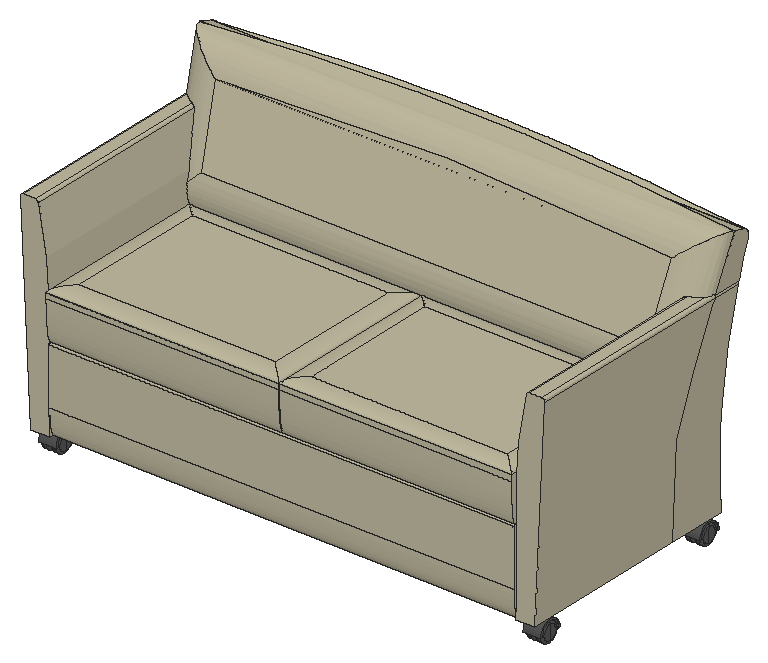
Revit family
Parameters
  URL = "http://www.martinbrattrud.com"
  SCS Certified Product = "Yes"
  Model = "Heritage 910-60"
  Manufacturer = "Martin Brattrud, Inc."
  Handle [instance] = none
  Keynote = "125000"
  Copyright = "© 2013 Martin Brattrud, Inc."
  Chair [instance] = none
  Wheel [instance] = none
  Authoring Version = "Revit Architecture 2010"
  Assembly Code = "E2020200"
Reference planes (in)
  plane 1 "Center Front/Back": y = 0
  plane 2: z = 0
  plane 3: x = 15.67241
Forms (in)
  Extrusion 1, solid, material <- "Chair"
    sketch origin (0, 0, 0) x (0, 1, 0) y (0, 0, 1)
      loop
        arc (12.74026, 2.62614) -> (12.50987, 16.40948) -> (14.59049, 30.03683) r 82.04243
        arc (14.59049, 30.03683) -> (14.49515, 30.75072) -> (13.94487, 31.21539) r 1
        line (13.94487, 31.21539) -> (12.52721, 31.70551) -> (6.08401, 13.06882) -> (6.08401, 2.62614) -> (12.74026, 2.62614)
    from -14.5 to 45.84482
  Extrusion 2, solid, material <- "Chair"
    sketch origin (0, 0, 0) x (0, 1, 0) y (0, 0, 1)
      loop
        line (6.08401, 17.39354) -> (-13.90749, 17.39354) -> (-13.90749, 16.73684)
        spline (-13.90749, 16.73684) -> (-13.90289, 16.14947) -> (-13.88917, 15.57215) -> (-13.86656, 15.01476) -> (-13.83545, 14.48684) -> (-13.79637, 13.99741) -> (-13.75, 13.55486) -> (-13.69712, 13.16675) -> (-13.63864, 12.83973) -> (-13.57556, 12.57938) -> (-13.50896, 12.39017) -> (-13.43998, 12.27534) -> (-13.36979, 12.23684)
        line (-13.36979, 12.23684) -> (6.08401, 12.23684) -> (6.08401, 17.39354)
    from -10.4547 to 15.67241
  Sweep 3, solid, material <- "Chair"
    path in 3D
      loop
        line (-10.4547, 6.08401, 17.39354) -> (-10.4547, -13.90749, 17.39354) -> (15.67241, -13.90749, 17.39354) -> (15.67241, 6.08401, 17.39354) -> (-10.4547, 6.08401, 17.39354)
    profile origin (2.60886, 6.08401, 17.39354) x (0, -1, 0) y (0, 0, 1)
      loop
        line (0.03125, 0) -> (2.03125, 0) -> (2.03125, 0.56884)
        spline (2.03125, 0.56884) -> (1.7702, 0.56397) -> (1.51361, 0.54946) -> (1.26588, 0.52554) -> (1.03125, 0.49263) -> (0.81373, 0.45129) -> (0.61704, 0.40223) -> (0.44454, 0.34629) -> (0.2992, 0.28442) -> (0.18349, 0.21768) -> (0.0994, 0.14723) -> (0.04836, 0.07425) -> (0.03125, 0)
  Extrusion 4, solid, material <- "Chair"
    sketch origin (0, 0, 0) x (1, 0, 0) y (0, 1, 0)
      loop
        line (-8.42345, -11.87624) -> (13.64116, -11.87624) -> (13.64116, 4.05276) -> (-8.42345, 4.05276) -> (-8.42345, -11.87624)
    from 17.39354 to 17.96237
  Sweep 5, solid, material <- "Chair"
    path in 3D
      loop
        arc (45.84482, 12.7199, 2.83) -> (45.84482, 12.51683, 16.51168) -> (45.84482, 14.59049, 30.03683) r 82.04243
        arc (45.84482, 14.59049, 30.03683) -> (45.84482, 14.49515, 30.75072) -> (45.84482, 13.94487, 31.21539) r 1
        line (45.84482, 13.94487, 31.21539) -> (45.84482, 12.52721, 31.70551)
    profile origin (45.84482, 13.23604, 31.46045) x (0, -0.32675, -0.945111) y (1, 0, 0)
      loop
        line (0, -60.34482) -> (0, 0)
        arc (0, 0) -> (-1.27251, -30.17241) -> (0, -60.34482) r 358.34306
  Extrusion 6, void
    sketch origin (0, -11.75, 0) x (-1, 0, 0) y (0, 0, 1)
      loop
        arc (14.35088, 31.98684) -> (14.08326, 28.99427) -> (13.83545, 26) r 453.67894
        line (13.83545, 26) -> (13.42967, 26)
        arc (13.42967, 26) -> (13.70502, 25.87957) -> (13.80352, 25.59564) r 0.375
        arc (13.80352, 25.59564) -> (12.98082, 12.80689) -> (12.51965, 0) r 453.67894
        line (12.51965, 0) -> (15.2047, 0) -> (15.2047, 31.98684) -> (14.35088, 31.98684)
      loop
        line (-45.69571, 31.98684) -> (-46.54952, 31.98684) -> (-46.54952, 0) -> (-43.86448, 0)
        arc (-43.86448, 0) -> (-44.32564, 12.80689) -> (-45.14834, 25.59564) r 453.67894
        arc (-45.14834, 25.59564) -> (-45.04984, 25.87957) -> (-44.77449, 26) r 0.375
        line (-44.77449, 26) -> (-45.18028, 26)
        arc (-45.18028, 26) -> (-45.42808, 28.99427) -> (-45.69571, 31.98684) r 453.67894
    from -2.61979 to 26.83358
  Extrusion 7, solid, material <- "Chair"
    sketch origin (0, 19.68984, 52.42315) x (0, -0.32675, -0.945111) y (1, 0, 0)
      loop
        arc (25.63663, -9.97112) -> (29.88994, -9.65274) -> (34.14575, -9.36984) r 511.348
        line (34.14575, -9.36984) -> (34.14575, 40.86536) -> (25.052, 41.51847)
        arc (25.052, 41.51847) -> (24.67743, 15.7661) -> (25.63663, -9.97112) r 497.30164
    from 0 to 2.25
  Extrusion 8, solid, material <- "Chair"
    sketch origin (0, 0, 0) x (0, 1, 0) y (0, 0, 1)
      loop
        arc (-13.25527, 12.23684) -> (-13.43205, 12.16362) -> (-13.50527, 11.98684) r 0.25
        line (-13.50527, 11.98684) -> (-13.50527, 5.62614)
        spline (-13.50527, 5.62614) -> (-13.50023, 5.23456) -> (-13.48519, 4.84968) -> (-13.46042, 4.47809) -> (-13.42632, 4.12614) -> (-13.3835, 3.79985) -> (-13.33268, 3.50482) -> (-13.27472, 3.24608) -> (-13.21063, 3.02806) -> (-13.1415, 2.8545) -> (-13.06851, 2.72836) -> (-12.99291, 2.6518) -> (-12.91599, 2.62614)
        line (-12.91599, 2.62614) -> (6.08401, 2.62614) -> (6.08401, 12.23684) -> (-13.25527, 12.23684)
    from -10.4547 to 41.79952
  Sweep 9, solid, material <- "Chair"
    path origin (0, 11.84785, 29.74049) x (0, -0.32675, -0.945111) y (1, 0, 0)
      loop
        arc (14.177, 44.5168) -> (6.0287, 45.02908) -> (-2.1103, 45.67241) r 507.31675
        arc (-2.1103, 45.67241) -> (-3.35383, 15.67241) -> (-2.1103, -14.32759) r 362.49516
        arc (-2.1103, -14.32759) -> (6.0287, -13.68425) -> (14.177, -13.17198) r 507.31675
        line (14.177, -13.17198) -> (14.177, 44.5168)
    profile origin (15.67241, 7.21551, 16.34165) x (0, -0.32675, -0.945111) y (0, -0.945111, 0.32675)
      loop
        line (-4.03125, 0) -> (-0.03125, 0)
        spline (-0.03125, 0) -> (-0.06547, 0.29368) -> (-0.16755, 0.58234) -> (-0.33573, 0.86104) -> (-0.56715, 1.125) -> (-0.85784, 1.36971) -> (-1.20282, 1.59099) -> (-1.5962, 1.78505) -> (-2.03125, 1.94856) -> (-2.50052, 2.07873) -> (-2.99597, 2.17333) -> (-3.50915, 2.23075) -> (-4.03125, 2.25)
        line (-4.03125, 2.25) -> (-4.03125, 0)
  Extrusion 10, solid, material <- "Chair"
    sketch origin (0, -11.75, 0) x (-1, 0, 0) y (0, 0, 1)
      loop
        arc (12.5847, 2.62614) -> (13.04852, 14.11862) -> (13.80352, 25.59564) r 453.67894
        arc (13.80352, 25.59564) -> (13.70502, 25.87957) -> (13.42967, 26) r 0.375
        line (13.42967, 26) -> (12.10847, 26)
        arc (12.10847, 26) -> (11.87817, 25.92096) -> (11.74496, 25.71714) r 0.375
        arc (11.74496, 25.71714) -> (10.77851, 20.58673) -> (10.4547, 15.37614) r 42.08491
        line (10.4547, 15.37614) -> (10.4547, 2.62614) -> (12.5847, 2.62614)
      loop
        line (-43.92952, 2.62614) -> (-41.79952, 2.62614) -> (-41.79952, 15.37614)
        arc (-41.79952, 15.37614) -> (-42.12334, 20.58673) -> (-43.08979, 25.71714) r 42.08491
        arc (-43.08979, 25.71714) -> (-43.223, 25.92096) -> (-43.45329, 26) r 0.375
        line (-43.45329, 26) -> (-44.77449, 26)
        arc (-44.77449, 26) -> (-45.04984, 25.87957) -> (-45.14834, 25.59564) r 0.375
        arc (-45.14834, 25.59564) -> (-44.39334, 14.11862) -> (-43.92952, 2.62614) r 453.67894
    from -1.61979 to 25.88021
  Extrusion 11, solid, material <- "Wheel"
    sketch origin (0, 0, 0) x (0, 1, 0) y (0, 0, -1)
      loop
        arc (-12.47848, -1.0804) -> (-11.16598, -2.45654) -> (-9.85348, -1.0804) r 1.31397
        line (-9.85348, -1.0804) -> (-9.98095, -1.08637)
        arc (-9.98095, -1.08637) -> (-11.16745, -2.3304) -> (-12.35395, -1.08637) r 1.18783
        line (-12.35395, -1.08637) -> (-12.47848, -1.0804)
    from 10.44 to 12.44
  Revolve 12, solid, material <- "Wheel"
    sketch origin (0, -11.1734, 0) x (1, 0, 0) y (0, 0, -1)
      loop
        line (-11.315, -1.0804) -> (-10.47801, -1.0804) -> (-10.47801, -0.25)
        arc (-10.47801, -0.25) -> (-10.55123, -0.07322) -> (-10.72801, 0) r 0.25
        line (-10.72801, 0) -> (-11.065, 0)
        arc (-11.065, 0) -> (-11.24178, -0.07322) -> (-11.315, -0.25) r 0.25
        line (-11.315, -0.25) -> (-11.315, -1.0804)
      loop
        line (-11.565, -1.0804) -> (-11.565, -0.25)
        arc (-11.565, -0.25) -> (-11.63822, -0.07322) -> (-11.815, 0) r 0.25
        line (-11.815, 0) -> (-12.15199, 0)
        arc (-12.15199, 0) -> (-12.32877, -0.07322) -> (-12.40199, -0.25) r 0.25
        line (-12.40199, -0.25) -> (-12.40199, -1.0804) -> (-11.565, -1.0804)
      axis (-10.47801, -1.0804) -> (-12.40199, -1.0804)
    angle from 0 to 360
  Extrusion 13, solid, material <- "Wheel"
    sketch origin (-0.05844, 104.0333, 2.12614) x (-0.99232, 0.1237, 0) y (-0.1237, -0.99232, 0)
      loop
        circle (-2.90427, 115.22304) r 0.25
    from 0.04498 to 0.5
  Extrusion 14, solid, material <- "Wheel"
    sketch origin (0, 0, 0) x (0, -1, 0) y (0, 0, 1)
      loop
        line (-12.47848, 1.0804) -> (-12.35395, 1.08637)
        arc (-12.35395, 1.08637) -> (-11.16745, 2.3304) -> (-9.98095, 1.08637) r 1.18783
        line (-9.98095, 1.08637) -> (-9.85348, 1.0804)
        arc (-9.85348, 1.0804) -> (-11.16598, 2.45654) -> (-12.47848, 1.0804) r 1.31397
    from 10.44 to 12.44
  Revolve 15, solid, material <- "Wheel"
    sketch origin (0, 11.1734, 0) x (1, 0, 0) y (0, 0, 1)
      loop
        line (-11.315, 1.0804) -> (-11.315, 0.25)
        arc (-11.315, 0.25) -> (-11.24178, 0.07322) -> (-11.065, 0) r 0.25
        line (-11.065, 0) -> (-10.72801, 0)
        arc (-10.72801, 0) -> (-10.55123, 0.07322) -> (-10.47801, 0.25) r 0.25
        line (-10.47801, 0.25) -> (-10.47801, 1.0804) -> (-11.315, 1.0804)
      loop
        line (-11.565, 1.0804) -> (-12.40199, 1.0804) -> (-12.40199, 0.25)
        arc (-12.40199, 0.25) -> (-12.32877, 0.07322) -> (-12.15199, 0) r 0.25
        line (-12.15199, 0) -> (-11.815, 0)
        arc (-11.815, 0) -> (-11.63822, 0.07322) -> (-11.565, 0.25) r 0.25
        line (-11.565, 0.25) -> (-11.565, 1.0804)
      axis (-10.47801, 1.0804) -> (-12.40199, 1.0804)
    angle from 0 to 360
  Extrusion 16, solid, material <- "Wheel"
    sketch origin (-0.05844, -104.0333, 2.12614) x (0.99232, 0.1237, 0) y (-0.1237, 0.99232, 0)
      loop
        circle (2.90427, 115.22304) r 0.25
    from 0.04498 to 0.5
  Extrusion 17, void
    sketch origin (0, 0, 0) x (0, 1, 0) y (0, 0, 1)
      loop
        line (17.43249, 34.00269) -> (15.64821, 34.00269)
        arc (15.64821, 34.00269) -> (12.61417, 17.78301) -> (12.88719, 1.28425) r 82.04243
        line (12.88719, 1.28425) -> (17.43249, 1.28425) -> (17.43249, 34.00269)
    from -16 to 48.5
  Extrusion 18, void
    sketch origin (0, -11.75, 0) x (-1, 0, 0) y (0, 0, 1)
      loop
        line (14.2047, 2.62614) -> (14.2047, 26.0625) -> (12.10847, 26.0625)
        arc (12.10847, 26.0625) -> (11.87817, 25.98346) -> (11.74496, 25.77964) r 0.375
        arc (11.74496, 25.77964) -> (10.77851, 20.64923) -> (10.4547, 15.43864) r 42.08491
        line (10.4547, 15.43864) -> (10.4547, 2.62614) -> (14.2047, 2.62614)
      loop
        line (-45.54952, 2.62614) -> (-41.79952, 2.62614) -> (-41.79952, 15.43864)
        arc (-41.79952, 15.43864) -> (-42.12334, 20.64923) -> (-43.08979, 25.77964) r 42.08491
        arc (-43.08979, 25.77964) -> (-43.223, 25.98346) -> (-43.45329, 26.0625) r 0.375
        line (-43.45329, 26.0625) -> (-45.54952, 26.0625) -> (-45.54952, 2.62614)
    from -1.61979 to 25.88021
  Extrusion 19, solid, material <- "Wheel"
    sketch origin (31.52021, 0, 0) x (0, 1, 0) y (0, 0, 1)
      loop
        line (-12.47848, 1.0804) -> (-12.35395, 1.08637)
        arc (-12.35395, 1.08637) -> (-11.16745, 2.3304) -> (-9.98095, 1.08637) r 1.18783
        line (-9.98095, 1.08637) -> (-9.85348, 1.0804)
        arc (-9.85348, 1.0804) -> (-11.16598, 2.45654) -> (-12.47848, 1.0804) r 1.31397
    from 10.44 to 12.44
  Revolve 20, solid, material <- "Wheel"
    sketch origin (31.52021, -11.1734, 0) x (-1, 0, 0) y (0, 0, 1)
      loop
        line (-11.315, 1.0804) -> (-11.315, 0.25)
        arc (-11.315, 0.25) -> (-11.24178, 0.07322) -> (-11.065, 0) r 0.25
        line (-11.065, 0) -> (-10.72801, 0)
        arc (-10.72801, 0) -> (-10.55123, 0.07322) -> (-10.47801, 0.25) r 0.25
        line (-10.47801, 0.25) -> (-10.47801, 1.0804) -> (-11.315, 1.0804)
      loop
        line (-11.565, 1.0804) -> (-12.40199, 1.0804) -> (-12.40199, 0.25)
        arc (-12.40199, 0.25) -> (-12.32877, 0.07322) -> (-12.15199, 0) r 0.25
        line (-12.15199, 0) -> (-11.815, 0)
        arc (-11.815, 0) -> (-11.63822, 0.07322) -> (-11.565, 0.25) r 0.25
        line (-11.565, 0.25) -> (-11.565, 1.0804)
      axis (-10.47801, 1.0804) -> (-12.40199, 1.0804)
    angle from 0 to 360
  Extrusion 21, solid, material <- "Wheel"
    sketch origin (31.57865, 104.0333, 2.12614) x (-0.99232, -0.1237, 0) y (0.1237, -0.99232, 0)
      loop
        circle (2.90427, 115.22304) r 0.25
    from 0.04498 to 0.5
  Extrusion 22, solid, material <- "Wheel"
    sketch origin (31.52021, 0, 0) x (0, -1, 0) y (0, 0, -1)
      loop
        arc (-12.47848, -1.0804) -> (-11.16598, -2.45654) -> (-9.85348, -1.0804) r 1.31397
        line (-9.85348, -1.0804) -> (-9.98095, -1.08637)
        arc (-9.98095, -1.08637) -> (-11.16745, -2.3304) -> (-12.35395, -1.08637) r 1.18783
        line (-12.35395, -1.08637) -> (-12.47848, -1.0804)
    from 10.44 to 12.44
  Revolve 23, solid, material <- "Wheel"
    sketch origin (31.52021, 11.1734, 0) x (-1, 0, 0) y (0, 0, -1)
      loop
        line (-11.315, -1.0804) -> (-10.47801, -1.0804) -> (-10.47801, -0.25)
        arc (-10.47801, -0.25) -> (-10.55123, -0.07322) -> (-10.72801, 0) r 0.25
        line (-10.72801, 0) -> (-11.065, 0)
        arc (-11.065, 0) -> (-11.24178, -0.07322) -> (-11.315, -0.25) r 0.25
        line (-11.315, -0.25) -> (-11.315, -1.0804)
      loop
        line (-11.565, -1.0804) -> (-11.565, -0.25)
        arc (-11.565, -0.25) -> (-11.63822, -0.07322) -> (-11.815, 0) r 0.25
        line (-11.815, 0) -> (-12.15199, 0)
        arc (-12.15199, 0) -> (-12.32877, -0.07322) -> (-12.40199, -0.25) r 0.25
        line (-12.40199, -0.25) -> (-12.40199, -1.0804) -> (-11.565, -1.0804)
      axis (-10.47801, -1.0804) -> (-12.40199, -1.0804)
    angle from 0 to 360
  Extrusion 24, solid, material <- "Wheel"
    sketch origin (31.57865, -104.0333, 2.12614) x (0.99232, -0.1237, 0) y (0.1237, 0.99232, 0)
      loop
        circle (-2.90427, 115.22304) r 0.25
    from 0.04498 to 0.5
  Extrusion 25, solid, material <- "Chair"
    sketch origin (42.82461, 0, 0) x (0, 1, 0) y (0, 0, -1)
      loop
        line (6.08401, -17.39354) -> (6.08401, -12.23684) -> (-13.36979, -12.23684)
        spline (-13.36979, -12.23684) -> (-13.43998, -12.27534) -> (-13.50896, -12.39017) -> (-13.57556, -12.57938) -> (-13.63864, -12.83973) -> (-13.69712, -13.16675) -> (-13.75, -13.55486) -> (-13.79637, -13.99741) -> (-13.83545, -14.48684) -> (-13.86656, -15.01476) -> (-13.88917, -15.57215) -> (-13.90289, -16.14947) -> (-13.90749, -16.73684)
        line (-13.90749, -16.73684) -> (-13.90749, -17.39354) -> (6.08401, -17.39354)
    from 1.02509 to 27.1522
  Sweep 26, solid, material <- "Chair"
    path in 3D
      loop
        line (15.67241, 6.08401, 17.39354) -> (15.67241, -13.90749, 17.39354) -> (41.79952, -13.90749, 17.39354) -> (41.79952, 6.08401, 17.39354) -> (15.67241, 6.08401, 17.39354)
    profile origin (28.73597, 6.08401, 17.39354) x (0, -1, 0) y (0, 0, 1)
      loop
        line (0.03125, 0) -> (2.03125, 0) -> (2.03125, 0.56884)
        spline (2.03125, 0.56884) -> (1.7702, 0.56397) -> (1.51361, 0.54946) -> (1.26588, 0.52554) -> (1.03125, 0.49263) -> (0.81373, 0.45129) -> (0.61704, 0.40223) -> (0.44454, 0.34629) -> (0.2992, 0.28442) -> (0.18349, 0.21768) -> (0.0994, 0.14723) -> (0.04836, 0.07425) -> (0.03125, 0)
  Extrusion 27, solid, material <- "Chair"
    sketch origin (26.12711, 0, 0) x (1, 0, 0) y (0, 1, 0)
      loop
        line (-8.42345, -11.87624) -> (13.64116, -11.87624) -> (13.64116, 4.05276) -> (-8.42345, 4.05276) -> (-8.42345, -11.87624)
    from 17.39354 to 17.96237
  Extrusion 28, solid, material <- "Chair"
    sketch origin (0, 19.68984, 52.42315) x (0, -0.32675, -0.945111) y (1, 0, 0)
      loop
        arc (34.14575, 40.71466) -> (29.86964, 40.99899) -> (25.59606, 41.31915) r 511.348
        arc (25.59606, 41.31915) -> (24.67742, 15.67241) -> (25.59606, -9.97433) r 358.46391
        arc (25.59606, -9.97433) -> (29.86964, -9.65417) -> (34.14575, -9.36984) r 511.348
        line (34.14575, -9.36984) -> (34.14575, 40.71466)
    from 0 to 2.25
Cuts and joins
  joined: Sweep 3, Extrusion 4
  Extrusion 6 cuts Extrusion 1
  Extrusion 6, Extrusion 17 cuts Sweep 5
  Extrusion 17 cuts Extrusion 10
  joined: Extrusion 1, Sweep 5, Extrusion 10
  Extrusion 18 cuts Sweep 9
  joined: Extrusion 7, Sweep 9, Extrusion 28
  joined: Sweep 26, Extrusion 27
Lines and regions (in)
  sketch lines
    curve 1: line (15.67241, 6.08401, 17.39354) -> (-10.4547, 6.08401, 17.39354)
    curve 2: line (-10.4547, -13.90749, 17.39354) -> (-10.4547, 6.08401, 17.39354)
    curve 3: line (15.67241, -13.90749, 17.39354) -> (-10.4547, -13.90749, 17.39354)
    curve 4: line (15.67241, 6.08401, 17.39354) -> (15.67241, -13.90749, 17.39354)
    curve 5: line (45.84482, 13.94487, 31.21539) -> (45.84482, 12.52721, 31.70551)
    curve 6: arc (45.84482, 13.94487, 31.21539) -> (45.84482, 14.49515, 30.75072) -> (45.84482, 14.59049, 30.03683) r 1
    curve 7: arc (45.84482, 14.59049, 30.03683) -> (45.84482, 12.51683, 16.51168) -> (45.84482, 12.7199, 2.83) r 82.04243
    curve 8: line (41.79952, 6.08401, 17.39354) -> (15.67241, 6.08401, 17.39354)
    curve 9: line (15.67241, -13.90749, 17.39354) -> (15.67241, 6.08401, 17.39354)
    curve 10: line (41.79952, -13.90749, 17.39354) -> (15.67241, -13.90749, 17.39354)
    curve 11: line (41.79952, 6.08401, 17.39354) -> (41.79952, -13.90749, 17.39354)
